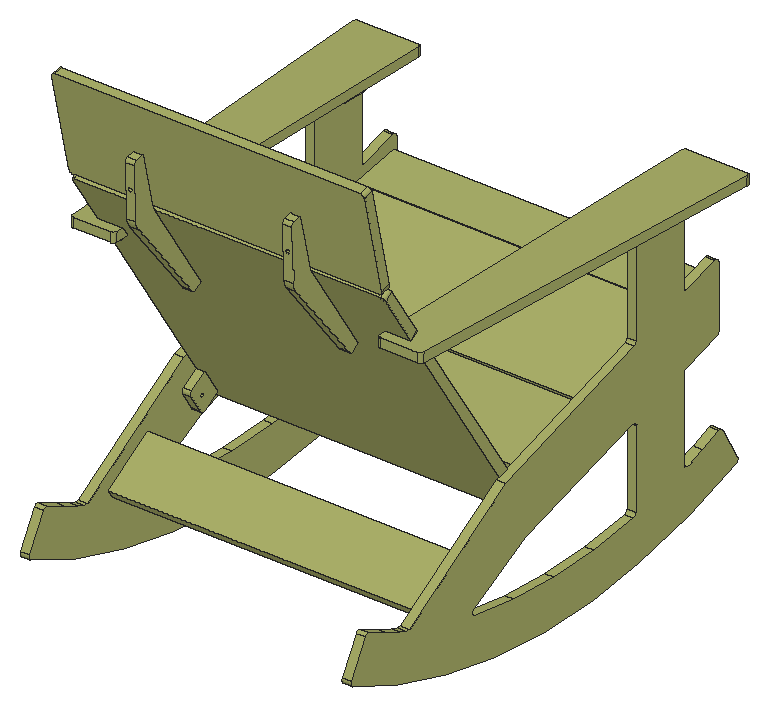
Revit family "Lollygagger Rocker", category Furniture, Revit 2016 (continued)
Automatic sketch dimensions
  Extrusion 16 sketch curve to Extrusion 16 sketch curve = 0.90243"
  Extrusion 18 sketch curve to Extrusion 18 sketch curve = 0.20165"
  Extrusion 18 sketch curve to Extrusion 18 sketch curve = 3.41039"
  Extrusion 18 sketch curve to Extrusion 18 sketch curve = 6.97885"
  Extrusion 18 sketch curve to Extrusion 18 sketch curve = 0.08551"
  Extrusion 18 sketch curve to Extrusion 18 sketch curve = 0.47513"
  Extrusion 18 sketch curve to Extrusion 18 sketch curve = 0.51835"
  Extrusion 18 sketch curve to Extrusion 18 sketch curve = 0.90243"
  Extrusion 21 sketch curve to Extrusion 21 sketch curve = 0.27288"
  Extrusion 21 sketch curve to Extrusion 21 sketch curve = 0.05198"  (x2)
  Extrusion 21 sketch curve to Extrusion 21 sketch curve = 0.78358"
  Extrusion 21 sketch curve to Extrusion 21 sketch curve = 0.52275"
  Extrusion 7 sketch curve to Extrusion 7 sketch curve = 0.12352"
  Extrusion 7 sketch curve to Extrusion 7 sketch curve = 0.21898"
  Extrusion 7 sketch curve to Extrusion 7 sketch curve = 1.19741"
  Extrusion 7 sketch curve to Extrusion 7 sketch curve = 0.21957"
  Extrusion 7 sketch curve to Extrusion 7 sketch curve = 0.10105"
  Extrusion 7 sketch curve to Extrusion 7 sketch curve = 1.59189"
  Extrusion 7 sketch curve to Extrusion 7 sketch curve = 0.8236"
  Extrusion 7 sketch curve to Extrusion 7 sketch curve = 1.07434"
  Extrusion 7 sketch curve to Extrusion 7 sketch curve = 0.51663"
  Extrusion 7 sketch curve to Extrusion 7 sketch curve = 0.09308"
  Extrusion 7 sketch curve to Extrusion 7 sketch curve = 0.23454"
  Extrusion 7 sketch curve to Extrusion 7 sketch curve = 4.10142"
  Extrusion 7 sketch curve to Extrusion 7 sketch curve = 2.39109"
  Extrusion 7 sketch curve to Extrusion 7 sketch curve = 0.08883"
  Extrusion 7 sketch curve to Extrusion 7 sketch curve = 0.0357"
  Extrusion 7 sketch curve to Extrusion 7 sketch curve = 1.66687"
  Extrusion 7 sketch curve to Extrusion 7 sketch curve = 2.71348"
  Extrusion 7 sketch curve to Extrusion 7 sketch curve = 1.71404"
  Extrusion 7 sketch curve to Extrusion 7 sketch curve = 0.9149"
  Extrusion 7 sketch curve to Extrusion 7 sketch curve = 2.51838"
  Extrusion 7 sketch curve to Extrusion 7 sketch curve = 4.16705"
  Extrusion 7 sketch curve to Extrusion 7 sketch curve = 0.14951"
  Extrusion 7 sketch curve to Extrusion 7 sketch curve = 3.27369"
  Extrusion 7 sketch curve to Extrusion 7 sketch curve = 3.34159"
  Extrusion 7 sketch curve to Extrusion 7 sketch curve = 0.07578"  (x4)
  Extrusion 7 sketch curve to Extrusion 7 sketch curve = 0.03589"
  Extrusion 7 sketch curve to Extrusion 7 sketch curve = 0.07725"  (x3)
  Extrusion 7 sketch curve to Extrusion 7 sketch curve = 0.25788"
  Extrusion 7 sketch curve to Extrusion 7 sketch curve = 1/4"  (x3)
  Extrusion 7 sketch curve to Extrusion 7 sketch curve = 0.45662"
  Extrusion 7 sketch curve to Extrusion 7 sketch curve = 4"  (x2)
  Extrusion 7 sketch curve to Extrusion 7 sketch curve = 0.17422"
  Extrusion 7 sketch curve to Extrusion 7 sketch curve = 0.25944"
  Extrusion 7 sketch curve to Extrusion 7 sketch curve = 0.08446"
  Extrusion 7 sketch curve to Extrusion 7 sketch curve = 0.16205"
  Extrusion 7 sketch curve to Extrusion 7 sketch curve = 1.32597"
  Extrusion 7 sketch curve to Extrusion 7 sketch curve = 2.34549"
  Extrusion 7 sketch curve to Extrusion 7 sketch curve = 2.57578"
  Extrusion 7 sketch curve to Extrusion 7 sketch curve = 1.37329"
  Extrusion 7 sketch curve to Extrusion 7 sketch curve = 0.09362"
  Extrusion 7 sketch curve to Extrusion 7 sketch curve = 0.22472"
  Extrusion 7 sketch curve to Extrusion 7 sketch curve = 1.23217"
  Extrusion 7 sketch curve to Extrusion 7 sketch curve = 0.08817"
  Extrusion 7 sketch curve to Extrusion 7 sketch curve = 0.22624"
  Extrusion 7 sketch curve to Extrusion 7 sketch curve = 0.13007"
  Extrusion 7 sketch curve to Extrusion 7 sketch curve = 0.31873"
  Extrusion 7 sketch curve to Extrusion 7 sketch curve = 0.54149"
  Extrusion 7 sketch curve to Extrusion 7 sketch curve = 0.75709"
  Extrusion 7 sketch curve to Extrusion 7 sketch curve = 1.02673"
  Extrusion 7 sketch curve to Extrusion 7 sketch curve = 1.2041"
  Extrusion 7 sketch curve to Extrusion 7 sketch curve = 1.42348"
  Extrusion 7 sketch curve to Extrusion 7 sketch curve = 2.82886"
  Extrusion 7 sketch curve to Extrusion 7 sketch curve = 3.02424"
  Extrusion 7 sketch curve to Extrusion 7 sketch curve = 0.24474"
  Extrusion 7 sketch curve to Extrusion 7 sketch curve = 0.46909"
  Extrusion 7 sketch curve to Extrusion 7 sketch curve = 2.95743"
  Extrusion 7 sketch curve to Extrusion 7 sketch curve = 1.57905"
  Extrusion 7 sketch curve to Extrusion 7 sketch curve = 0.25729"
  Extrusion 7 sketch curve to Extrusion 7 sketch curve = 0.23034"
  Extrusion 7 sketch curve to Extrusion 7 sketch curve = 3.09349"
  Extrusion 7 sketch curve to Extrusion 7 sketch curve = 2.91675"
  Extrusion 7 sketch curve to Extrusion 7 sketch curve = 0.02465"
  Extrusion 7 sketch curve to Extrusion 7 sketch curve = 0.45657"
  Extrusion 7 sketch curve to Extrusion 7 sketch curve = 0.19831"
  Extrusion 7 sketch curve to Extrusion 7 sketch curve = 0.29306"
  Extrusion 7 sketch curve to Extrusion 7 sketch curve = 0.12752"
  Extrusion 7 sketch curve to Extrusion 7 sketch curve = 0.4185"
  Extrusion 7 sketch curve to Extrusion 7 sketch curve = 0.47478"
  Extrusion 7 sketch curve to Extrusion 7 sketch curve = 0.11954"
  Extrusion 7 sketch curve to Extrusion 7 sketch curve = 3.34941"
  Extrusion 7 sketch curve to Extrusion 7 sketch curve = 5.29879"
  Extrusion 7 sketch curve to Extrusion 7 sketch curve = 4.0521"
  Extrusion 7 sketch curve to Extrusion 7 sketch curve = 1.43138"
  Extrusion 7 sketch curve to Extrusion 7 sketch curve = 0.84342"
  Extrusion 7 sketch curve to Extrusion 7 sketch curve = 4.70765"
  Extrusion 7 sketch curve to Extrusion 7 sketch curve = 3.65674"
  Extrusion 7 sketch curve to Extrusion 7 sketch curve = 0.52433"
  Extrusion 7 sketch curve to Extrusion 7 sketch curve = 5.8301"
  Extrusion 7 sketch curve to Extrusion 7 sketch curve = 3.41447"
  Extrusion 7 sketch curve to Extrusion 7 sketch curve = 0.16085"
  Extrusion 8 sketch curve to Extrusion 8 sketch curve = 0.12352"
  Extrusion 8 sketch curve to Extrusion 8 sketch curve = 0.21898"
  Extrusion 8 sketch curve to Extrusion 8 sketch curve = 1.19741"
  Extrusion 8 sketch curve to Extrusion 8 sketch curve = 0.21957"
  Extrusion 8 sketch curve to Extrusion 8 sketch curve = 0.10105"
  Extrusion 8 sketch curve to Extrusion 8 sketch curve = 1.59189"
  Extrusion 8 sketch curve to Extrusion 8 sketch curve = 0.8236"
  Extrusion 8 sketch curve to Extrusion 8 sketch curve = 1.07434"
  Extrusion 8 sketch curve to Extrusion 8 sketch curve = 0.51663"
  Extrusion 8 sketch curve to Extrusion 8 sketch curve = 0.09308"
  Extrusion 8 sketch curve to Extrusion 8 sketch curve = 0.23454"
  Extrusion 8 sketch curve to Extrusion 8 sketch curve = 4.10142"
  Extrusion 8 sketch curve to Extrusion 8 sketch curve = 2.39109"
  Extrusion 8 sketch curve to Extrusion 8 sketch curve = 0.08883"
  Extrusion 8 sketch curve to Extrusion 8 sketch curve = 0.0357"
  Extrusion 8 sketch curve to Extrusion 8 sketch curve = 1.66687"
  Extrusion 8 sketch curve to Extrusion 8 sketch curve = 2.71348"
  Extrusion 8 sketch curve to Extrusion 8 sketch curve = 1.71404"
  Extrusion 8 sketch curve to Extrusion 8 sketch curve = 0.9149"
  Extrusion 8 sketch curve to Extrusion 8 sketch curve = 2.51838"
  Extrusion 8 sketch curve to Extrusion 8 sketch curve = 4.16705"
  Extrusion 8 sketch curve to Extrusion 8 sketch curve = 0.14951"
  Extrusion 8 sketch curve to Extrusion 8 sketch curve = 3.27369"
  Extrusion 8 sketch curve to Extrusion 8 sketch curve = 3.34159"
  Extrusion 8 sketch curve to Extrusion 8 sketch curve = 0.07578"  (x4)
  Extrusion 8 sketch curve to Extrusion 8 sketch curve = 0.03589"
  Extrusion 8 sketch curve to Extrusion 8 sketch curve = 0.07725"  (x3)
  Extrusion 8 sketch curve to Extrusion 8 sketch curve = 0.25788"
  Extrusion 8 sketch curve to Extrusion 8 sketch curve = 1/4"  (x3)
  Extrusion 8 sketch curve to Extrusion 8 sketch curve = 0.45662"
  Extrusion 8 sketch curve to Extrusion 8 sketch curve = 4"  (x2)
  Extrusion 8 sketch curve to Extrusion 8 sketch curve = 0.17422"
  Extrusion 8 sketch curve to Extrusion 8 sketch curve = 0.25944"
  Extrusion 8 sketch curve to Extrusion 8 sketch curve = 0.08446"
  Extrusion 8 sketch curve to Extrusion 8 sketch curve = 0.16205"
  Extrusion 8 sketch curve to Extrusion 8 sketch curve = 1.32597"
  Extrusion 8 sketch curve to Extrusion 8 sketch curve = 2.34549"
  Extrusion 8 sketch curve to Extrusion 8 sketch curve = 2.57578"
  Extrusion 8 sketch curve to Extrusion 8 sketch curve = 1.37329"
  Extrusion 8 sketch curve to Extrusion 8 sketch curve = 0.09362"
  Extrusion 8 sketch curve to Extrusion 8 sketch curve = 0.22472"
  Extrusion 8 sketch curve to Extrusion 8 sketch curve = 1.23217"
  Extrusion 8 sketch curve to Extrusion 8 sketch curve = 0.08817"
  Extrusion 8 sketch curve to Extrusion 8 sketch curve = 0.22624"
  Extrusion 8 sketch curve to Extrusion 8 sketch curve = 0.13007"
  Extrusion 8 sketch curve to Extrusion 8 sketch curve = 0.31873"
  Extrusion 8 sketch curve to Extrusion 8 sketch curve = 0.54149"
  Extrusion 8 sketch curve to Extrusion 8 sketch curve = 0.75709"
  Extrusion 8 sketch curve to Extrusion 8 sketch curve = 1.02673"
  Extrusion 8 sketch curve to Extrusion 8 sketch curve = 1.2041"
  Extrusion 8 sketch curve to Extrusion 8 sketch curve = 1.42348"
  Extrusion 8 sketch curve to Extrusion 8 sketch curve = 2.82886"
  Extrusion 8 sketch curve to Extrusion 8 sketch curve = 3.02424"
  Extrusion 8 sketch curve to Extrusion 8 sketch curve = 0.24474"
  Extrusion 8 sketch curve to Extrusion 8 sketch curve = 0.46909"
  Extrusion 8 sketch curve to Extrusion 8 sketch curve = 2.95743"
  Extrusion 8 sketch curve to Extrusion 8 sketch curve = 1.57905"
  Extrusion 8 sketch curve to Extrusion 8 sketch curve = 0.25729"
  Extrusion 8 sketch curve to Extrusion 8 sketch curve = 0.23034"
  Extrusion 8 sketch curve to Extrusion 8 sketch curve = 3.09349"
  Extrusion 8 sketch curve to Extrusion 8 sketch curve = 2.91675"
  Extrusion 8 sketch curve to Extrusion 8 sketch curve = 0.02465"
  Extrusion 8 sketch curve to Extrusion 8 sketch curve = 0.45657"
  Extrusion 8 sketch curve to Extrusion 8 sketch curve = 0.19831"
  Extrusion 8 sketch curve to Extrusion 8 sketch curve = 0.29306"
  Extrusion 8 sketch curve to Extrusion 8 sketch curve = 0.12752"
  Extrusion 8 sketch curve to Extrusion 8 sketch curve = 0.4185"
  Extrusion 8 sketch curve to Extrusion 8 sketch curve = 0.47478"
  Extrusion 8 sketch curve to Extrusion 8 sketch curve = 0.11954"
  Extrusion 8 sketch curve to Extrusion 8 sketch curve = 3.34941"
  Extrusion 8 sketch curve to Extrusion 8 sketch curve = 5.29879"
  Extrusion 8 sketch curve to Extrusion 8 sketch curve = 4.0521"
  Extrusion 8 sketch curve to Extrusion 8 sketch curve = 1.43138"
  Extrusion 8 sketch curve to Extrusion 8 sketch curve = 0.84342"
  Extrusion 8 sketch curve to Extrusion 8 sketch curve = 4.70765"
  Extrusion 8 sketch curve to Extrusion 8 sketch curve = 3.65674"
  Extrusion 8 sketch curve to Extrusion 8 sketch curve = 0.52433"
  Extrusion 8 sketch curve to Extrusion 8 sketch curve = 5.8301"
  Extrusion 8 sketch curve to Extrusion 8 sketch curve = 3.41447"
  Extrusion 8 sketch curve to Extrusion 8 sketch curve = 0.16085"
  Extrusion 9 sketch curve to Extrusion 9 sketch curve = 0.12352"
  Extrusion 9 sketch curve to Extrusion 9 sketch curve = 0.21898"
  Extrusion 9 sketch curve to Extrusion 9 sketch curve = 1.19741"
  Extrusion 9 sketch curve to Extrusion 9 sketch curve = 0.21957"
  Extrusion 9 sketch curve to Extrusion 9 sketch curve = 0.10105"
  Extrusion 9 sketch curve to Extrusion 9 sketch curve = 1.59189"
  Extrusion 9 sketch curve to Extrusion 9 sketch curve = 0.8236"
  Extrusion 9 sketch curve to Extrusion 9 sketch curve = 1.07434"
  Extrusion 9 sketch curve to Extrusion 9 sketch curve = 0.51663"
  Extrusion 9 sketch curve to Extrusion 9 sketch curve = 0.09308"
  Extrusion 9 sketch curve to Extrusion 9 sketch curve = 0.23454"
  Extrusion 9 sketch curve to Extrusion 9 sketch curve = 4.10142"
  Extrusion 9 sketch curve to Extrusion 9 sketch curve = 2.39109"
  Extrusion 9 sketch curve to Extrusion 9 sketch curve = 0.08883"
  Extrusion 9 sketch curve to Extrusion 9 sketch curve = 0.0357"
  Extrusion 9 sketch curve to Extrusion 9 sketch curve = 1.66687"
  Extrusion 9 sketch curve to Extrusion 9 sketch curve = 2.71348"
  Extrusion 9 sketch curve to Extrusion 9 sketch curve = 1.71404"
  Extrusion 9 sketch curve to Extrusion 9 sketch curve = 0.9149"
  Extrusion 9 sketch curve to Extrusion 9 sketch curve = 2.51838"
  Extrusion 9 sketch curve to Extrusion 9 sketch curve = 4.16705"
  Extrusion 9 sketch curve to Extrusion 9 sketch curve = 0.14951"
  Extrusion 9 sketch curve to Extrusion 9 sketch curve = 3.27369"
  Extrusion 9 sketch curve to Extrusion 9 sketch curve = 3.34159"
  Extrusion 9 sketch curve to Extrusion 9 sketch curve = 0.07578"  (x4)
  Extrusion 9 sketch curve to Extrusion 9 sketch curve = 0.03589"
  Extrusion 9 sketch curve to Extrusion 9 sketch curve = 0.07725"  (x3)
  Extrusion 9 sketch curve to Extrusion 9 sketch curve = 0.25788"
  Extrusion 9 sketch curve to Extrusion 9 sketch curve = 1/4"  (x3)
  Extrusion 9 sketch curve to Extrusion 9 sketch curve = 0.45662"
  Extrusion 9 sketch curve to Extrusion 9 sketch curve = 4"  (x2)
  Extrusion 9 sketch curve to Extrusion 9 sketch curve = 0.17422"
  Extrusion 9 sketch curve to Extrusion 9 sketch curve = 0.25944"
  Extrusion 9 sketch curve to Extrusion 9 sketch curve = 0.08446"
  Extrusion 9 sketch curve to Extrusion 9 sketch curve = 0.16205"
  Extrusion 9 sketch curve to Extrusion 9 sketch curve = 1.32597"
  Extrusion 9 sketch curve to Extrusion 9 sketch curve = 2.34549"
  Extrusion 9 sketch curve to Extrusion 9 sketch curve = 2.57578"
  Extrusion 9 sketch curve to Extrusion 9 sketch curve = 1.37329"
  Extrusion 9 sketch curve to Extrusion 9 sketch curve = 0.09362"
  Extrusion 9 sketch curve to Extrusion 9 sketch curve = 0.22472"
  Extrusion 9 sketch curve to Extrusion 9 sketch curve = 1.23217"
  Extrusion 9 sketch curve to Extrusion 9 sketch curve = 0.08817"
  Extrusion 9 sketch curve to Extrusion 9 sketch curve = 0.22624"
  Extrusion 9 sketch curve to Extrusion 9 sketch curve = 0.13007"
  Extrusion 9 sketch curve to Extrusion 9 sketch curve = 0.31873"
  Extrusion 9 sketch curve to Extrusion 9 sketch curve = 0.54149"
  Extrusion 9 sketch curve to Extrusion 9 sketch curve = 0.75709"
  Extrusion 9 sketch curve to Extrusion 9 sketch curve = 1.02673"
  Extrusion 9 sketch curve to Extrusion 9 sketch curve = 1.2041"
  Extrusion 9 sketch curve to Extrusion 9 sketch curve = 1.42348"
  Extrusion 9 sketch curve to Extrusion 9 sketch curve = 2.82886"
  Extrusion 9 sketch curve to Extrusion 9 sketch curve = 3.02424"
  Extrusion 9 sketch curve to Extrusion 9 sketch curve = 0.24474"
  Extrusion 9 sketch curve to Extrusion 9 sketch curve = 0.46909"
  Extrusion 9 sketch curve to Extrusion 9 sketch curve = 2.95743"
  Extrusion 9 sketch curve to Extrusion 9 sketch curve = 1.57905"
  Extrusion 9 sketch curve to Extrusion 9 sketch curve = 0.25729"
  Extrusion 9 sketch curve to Extrusion 9 sketch curve = 0.23034"
  Extrusion 9 sketch curve to Extrusion 9 sketch curve = 3.09349"
  Extrusion 9 sketch curve to Extrusion 9 sketch curve = 2.91675"
  Extrusion 9 sketch curve to Extrusion 9 sketch curve = 0.02465"
  Extrusion 9 sketch curve to Extrusion 9 sketch curve = 0.45657"
  Extrusion 9 sketch curve to Extrusion 9 sketch curve = 0.19831"
  Extrusion 9 sketch curve to Extrusion 9 sketch curve = 0.29306"
  Extrusion 9 sketch curve to Extrusion 9 sketch curve = 0.12752"
  Extrusion 9 sketch curve to Extrusion 9 sketch curve = 0.4185"
  Extrusion 9 sketch curve to Extrusion 9 sketch curve = 0.47478"
  Extrusion 9 sketch curve to Extrusion 9 sketch curve = 0.11954"
  Extrusion 9 sketch curve to Extrusion 9 sketch curve = 3.34941"
  Extrusion 9 sketch curve to Extrusion 9 sketch curve = 5.29879"
  Extrusion 9 sketch curve to Extrusion 9 sketch curve = 4.0521"
  Extrusion 9 sketch curve to Extrusion 9 sketch curve = 1.43138"
  Extrusion 9 sketch curve to Extrusion 9 sketch curve = 0.84342"
  Extrusion 9 sketch curve to Extrusion 9 sketch curve = 4.70765"
  Extrusion 9 sketch curve to Extrusion 9 sketch curve = 3.65674"
  Extrusion 9 sketch curve to Extrusion 9 sketch curve = 0.52433"
  Extrusion 9 sketch curve to Extrusion 9 sketch curve = 5.8301"
  Extrusion 9 sketch curve to Extrusion 9 sketch curve = 3.41447"
  Extrusion 9 sketch curve to Extrusion 9 sketch curve = 0.16085"
  Extrusion 20 sketch curve to Extrusion 20 sketch curve = 0.13751"
  Extrusion 20 sketch curve to Extrusion 20 sketch curve = 1.64884"
  Extrusion 20 sketch curve to Extrusion 20 sketch curve = 0.54051"
  Extrusion 20 sketch curve to Extrusion 20 sketch curve = 0.66938"
  Extrusion 20 sketch curve to Extrusion 20 sketch curve = 0.47443"
  Extrusion 20 sketch curve to Extrusion 20 sketch curve = 0.37519"
  Extrusion 20 sketch curve to Extrusion 20 sketch curve = 1.51111"
  Extrusion 20 sketch curve to Extrusion 20 sketch curve = 0.06731"
  Extrusion 20 sketch curve to Extrusion 20 sketch curve = 0.34908"
  Extrusion 20 sketch curve to Extrusion 20 sketch curve = 0.00929"
  Extrusion 28 sketch curve to Extrusion 28 sketch curve = 0.07351"  (x2)
  Extrusion 28 sketch curve to Extrusion 28 sketch curve = 0.20967"  (x2)
  Extrusion 28 sketch curve to Extrusion 28 sketch curve = 0.81696"
  Extrusion 28 sketch curve to Extrusion 28 sketch curve = 0.72258"
  Extrusion 28 sketch curve to Extrusion 28 sketch curve = 0.13616"
  Extrusion 28 sketch curve to Extrusion 28 sketch curve = 1.10076"  (x2)
  Extrusion 28 sketch curve to Extrusion 28 sketch curve = 183/256"
  Extrusion 28 sketch curve to Extrusion 28 sketch curve = 0.83303"
  Extrusion 28 sketch curve to Extrusion 28 sketch curve = 0.34583"
  Extrusion 30 sketch curve to Extrusion 30 sketch curve = 0.27288"  (x2)
  Extrusion 30 sketch curve to Extrusion 30 sketch curve = 0.05198"  (x2)
  Extrusion 30 sketch curve to Extrusion 30 sketch curve = 0.78358"
  Extrusion 30 sketch curve to Extrusion 30 sketch curve = 0.52275"
  Extrusion 31 sketch curve to Extrusion 31 sketch curve = 0.21826"
  Extrusion 31 sketch curve to Extrusion 31 sketch curve = 0.12073"  (x2)
  Extrusion 31 sketch curve to Extrusion 31 sketch curve = 0.00647"
  Extrusion 31 sketch curve to Extrusion 31 sketch curve = 0.50682"
  Extrusion 31 sketch curve to Extrusion 31 sketch curve = 0.23672"
  Extrusion 30 sketch curve to Extrusion 30 sketch curve = 0.19256"  (x2)
  Extrusion 30 sketch curve to Extrusion 30 sketch curve = 0.60331"
  Extrusion 30 sketch curve to Extrusion 30 sketch curve = 0.24454"  (x2)
  Extrusion 30 sketch curve to Extrusion 30 sketch curve = 0.31187"
  Extrusion 31 sketch curve to Extrusion 31 sketch curve = 0.28263"
  Extrusion 31 sketch curve to Extrusion 31 sketch curve = 0.00036"
  Extrusion 31 sketch curve to Extrusion 31 sketch curve = 0.21649"
  Extrusion 31 sketch curve to Extrusion 31 sketch curve = 0.51096"
  Extrusion 29 sketch curve to Extrusion 29 sketch curve = 0.13751"
  Extrusion 29 sketch curve to Extrusion 29 sketch curve = 1.64884"
  Extrusion 29 sketch curve to Extrusion 29 sketch curve = 0.54051"
  Extrusion 29 sketch curve to Extrusion 29 sketch curve = 0.66938"
  Extrusion 29 sketch curve to Extrusion 29 sketch curve = 0.47443"
  Extrusion 29 sketch curve to Extrusion 29 sketch curve = 0.37519"
  Extrusion 29 sketch curve to Extrusion 29 sketch curve = 1.51111"
  Extrusion 29 sketch curve to Extrusion 29 sketch curve = 0.06731"
  Extrusion 29 sketch curve to Extrusion 29 sketch curve = 0.34908"
  Extrusion 29 sketch curve to Extrusion 29 sketch curve = 0.00929"
  Extrusion 32 sketch curve to Extrusion 32 sketch curve = 0.07351"  (x4)
  Extrusion 32 sketch curve to Extrusion 32 sketch curve = 0.13616"  (x4)
  Extrusion 32 sketch curve to Extrusion 32 sketch curve = 0.81696"  (x2)
  Extrusion 32 sketch curve to Extrusion 32 sketch curve = 0.72258"  (x2)
  Extrusion 32 sketch curve to Extrusion 32 sketch curve = 0.20967"  (x2)
  Extrusion 32 sketch curve to Extrusion 32 sketch curve = 1.10076"  (x4)
  Extrusion 32 sketch curve to Extrusion 32 sketch curve = 183/256"  (x2)
  Extrusion 32 sketch curve to Extrusion 32 sketch curve = 0.83303"  (x2)
  Extrusion 32 sketch curve to Extrusion 32 sketch curve = 0.34583"  (x2)
  Extrusion 24 sketch curve to Extrusion 24 sketch curve = 0.07351"  (x4)
  Extrusion 24 sketch curve to Extrusion 24 sketch curve = 0.13616"  (x4)
  Extrusion 24 sketch curve to Extrusion 24 sketch curve = 0.81696"  (x2)
  Extrusion 24 sketch curve to Extrusion 24 sketch curve = 0.72258"  (x2)
  Extrusion 24 sketch curve to Extrusion 24 sketch curve = 0.20967"  (x2)
  Extrusion 24 sketch curve to Extrusion 24 sketch curve = 1.10076"  (x4)
  Extrusion 24 sketch curve to Extrusion 24 sketch curve = 183/256"  (x2)
  Extrusion 24 sketch curve to Extrusion 24 sketch curve = 0.83303"  (x2)
  Extrusion 24 sketch curve to Extrusion 24 sketch curve = 0.34583"  (x2)
  curve 49 to plane 5 = 0"
  curve 64 to plane 5 = 0"
  curve 47 to plane 9 = 0"
  curve 64 to plane 6 = 0"
  curve 64 to plane 9 = 0"
  curve 53 to plane 8 = 0"
  curve 65 to plane 6 = 0"
  curve 65 to plane 8 = 0"
  curve 65 to plane 4 = 0"
  curve 58 to plane 4 = 0"
  curve 38 to plane 9 = 1/8"
  curve 43 to plane 9 = 1/4"
  curve 44 to curve 41 = 0"
  curve 48 to plane 9 = 1/4"
  curve 38 to curve 38 = 1 5/16"
  curve 37 to curve 32 = 1/4"
  plane 8 to curve 50 = 1 11/16"
  curve 50 to curve 52 = 1/4"
  plane 8 to curve 48 = 1/4"
  plane 8 to curve 43 = 1/4"
  curve 44 to curve 46 = 0"
  plane 8 to curve 52 = 1/8"
  plane 7 to curve 50 = 4.70592"
  plane 7 to curve 32 = 4.70592"
  curve 52 to curve 51 = 0.13616"
  curve 38 to curve 37 = 0.13616"
  curve 40 to curve 38 = 0.06808"
  curve 54 to curve 52 = 0.06808"
  plane 7 to curve 43 = 2.22753"
  curve 44 to curve 41 = 0.0439"
  plane 7 to curve 54 = 0.44647"
  curve 48 to curve 57 = 0.05624"
  curve 33 to curve 32 = 0"
  curve 33 to curve 50 = 0"
  curve 33 to plane 6 = 0.1139"
  curve 32 to curve 33 = 0.1361"
  curve 50 to curve 33 = 0.1361"
  curve 34 to plane 1 "Center Front/Back" = 4.01756"
  curve 35 to curve 34 = 0.11929"
  plane 1 "Center Front/Back" to curve 36 = 1.97061"
  curve 41 to curve 49 = 0.78644"
  curve 55 to curve 58 = 0.78644"
  curve 55 to curve 46 = 0.13616"
  curve 55 to curve 46 = 0"
  curve 41 to curve 41 = 0.13616"
  curve 45 to curve 56 = 0.05624"
  curve 42 to curve 42 = 0.05624"
  curve 56 to curve 45 = 0"
  curve 47 to curve 47 = 0.05624"
  curve 40 to plane 7 = 0.16691"
  plane 5 to curve 16 = 0"
  plane 9 to curve 12 = 0"
  plane 9 to curve 16 = 0"
  plane 9 to curve 20 = 0"
  curve 3 to plane 11 = 0"
  plane 8 to curve 4 = 0"
  plane 8 to curve 11 = 0"
  plane 8 to curve 1 = 0"
  plane 4 to curve 10 = 0"
  plane 4 to curve 3 = 0"
  curve 13 to plane 9 = 1/8"
  curve 19 to plane 9 = 1 3/16"
  plane 10 to curve 13 = 0.2652"
  curve 19 to curve 13 = 1/4"
  curve 14 to curve 21 = 1/4"
  curve 15 to curve 20 = 0"
  curve 2 to curve 1 = 1 11/16"
  curve 7 to curve 1 = 0"
  curve 6 to curve 5 = 1/4"
  curve 2 to curve 8 = 1/2"
  plane 8 to curve 5 = 1/8"
  curve 20 to curve 15 = 0.05553"
  curve 1 to curve 7 = 0.05553"
  curve 6 to curve 5 = 0.20967"
  plane 5 to curve 22 = 0.883"
  curve 10 to curve 8 = 4 3/4"
  curve 16 to curve 17 = 4.80062"
  level to curve 11 = 0.25498"
  level to curve 17 = 0.25498"
  curve 21 to curve 15 = 0.25713"
  plane 11 to curve 7 = 0.25713"
  curve 4 to curve 4 = 0.10483"
  curve 12 to curve 12 = 0.10483"
  curve 28 to plane 11 = 0"
  curve 27 to plane 10 = 0"
  curve 59 to plane 11 = 0"
  plane 7 to curve 24 = 1.39505"
  plane 7 to curve 28 = 3.01438"
  curve 29 to plane 11 = 0.86761"
  curve 27 to curve 29 = 1.65923"
  curve 62 to plane 11 = 0.07002"
  curve 62 to plane 6 = 5.09552"
  curve 61 to curve 60 = 0.62519"
  plane 10 to curve 23 = 3.67527"
  plane 7 to curve 23 = 0.57985"
  curve 26 to curve 24 = 0.76742"
  curve 24 to curve 25 = 0.15919"
  curve 25 to curve 30 = 0.16918"
  curve 30 to curve 31 = 0.0775"
  plane 10 to curve 25 = 0.26768"
  curve 25 to curve 25 = 0.4122"
  curve 25 to curve 26 = 0.3892"
  curve 26 to curve 28 = 0.41588"
  curve 31 to plane 11 = 2.0304"
  plane 1 "Center Front/Back" to curve 63 = 3.17831"
  curve 63 to curve 63 = 0.61538"
  curve 59 to curve 62 = 1.7025"
  curve 60 to curve 59 = 1.70231"
  curve 63 to curve 63 = 0.19995"
  curve 23 to curve 23 = 3.53101"
  Masking region 1 sketch curve to plane 5 = 0"
  Masking region 1 sketch curve to plane 9 = 0"
  Masking region 1 sketch curve to plane 6 = 0"  (x2)
  Masking region 1 sketch curve to plane 8 = 0"
  Masking region 1 sketch curve to plane 4 = 0"
  plane 5 to Masking region 1 sketch curve = 0.45138"
  Masking region 1 sketch curve to Masking region 1 sketch curve = 0.24959"  (x3)
  Masking region 1 sketch curve to Masking region 1 sketch curve = 1.92281"
  Masking region 1 sketch curve to plane 6 = 0.26426"  (x2)
  Masking region 1 sketch curve to plane 9 = 1/4"
  Masking region 1 sketch curve to plane 6 = 1/4"  (x2)
  Masking region 1 sketch curve to plane 9 = 1 7/16"
  Masking region 1 sketch curve to plane 6 = 0.1139"
  plane 8 to Masking region 1 sketch curve = 1.6472"
  Masking region 1 sketch curve to Masking region 1 sketch curve = 0.2097"
  plane 8 to Masking region 1 sketch curve = 1/4"
  Masking region 1 sketch curve to Masking region 1 sketch curve = 0.45128"
  Masking region 1 sketch curve to plane 4 = 1.92271"
  plane 7 to Masking region 1 sketch curve = 3.26397"  (x2)
  Masking region 1 sketch curve to Masking region 1 sketch curve = 0.01426"  (x2)
  Masking region 1 sketch curve to plane 7 = 0.16074"  (x2)
  Masking region 1 sketch curve to Masking region 1 sketch curve = 0.05624"
  Masking region 1 sketch curve to Masking region 1 sketch curve = 1.93342"
  Masking region 1 sketch curve to Masking region 1 sketch curve = 1.87955"
  Masking region 1 sketch curve to Masking region 1 sketch curve = 1.6297"
  Masking region 1 sketch curve to Masking region 1 sketch curve = 1.63135"
  Masking region 2 sketch curve to plane 10 = 0"
  Masking region 2 sketch curve to plane 11 = 0"  (x2)
  Masking region 2 sketch curve to plane 6 = 0"  (x2)
  plane 7 to Masking region 2 sketch curve = 0.98178"
  plane 7 to Masking region 2 sketch curve = 0.56887"
  plane 7 to Masking region 2 sketch curve = 0.392"
  plane 7 to Masking region 2 sketch curve = 0.19939"
  plane 7 to Masking region 2 sketch curve = 0.12004"
  plane 7 to Masking region 2 sketch curve = 0.06381"
  Masking region 2 sketch curve to plane 7 = 0.0177"
  Masking region 2 sketch curve to plane 7 = 0.12983"
  Masking region 2 sketch curve to plane 7 = 0.21698"
  Masking region 2 sketch curve to plane 7 = 0.54817"
  Masking region 2 sketch curve to Masking region 2 sketch curve = 0.10105"
  Masking region 2 sketch curve to Masking region 2 sketch curve = 0.21957"
  Masking region 2 sketch curve to plane 7 = 1.84721"
  Masking region 2 sketch curve to Masking region 2 sketch curve = 0.09546"
  Masking region 2 sketch curve to Masking region 2 sketch curve = 0.21898"
  Masking region 2 sketch curve to Masking region 2 sketch curve = 0.3759"
  Masking region 2 sketch curve to Masking region 2 sketch curve = 0.03737"
  Masking region 2 sketch curve to Masking region 2 sketch curve = 0.09092"
  Masking region 2 sketch curve to Masking region 2 sketch curve = 0.60898"
  Masking region 2 sketch curve to Masking region 2 sketch curve = 0.04348"
  Masking region 2 sketch curve to Masking region 2 sketch curve = 0.51663"
  Masking region 2 sketch curve to Masking region 2 sketch curve = 0.09308"
  Masking region 2 sketch curve to Masking region 2 sketch curve = 0.23454"
  plane 7 to Masking region 2 sketch curve = 4.52702"
  Masking region 2 sketch curve to Masking region 2 sketch curve = 0.21265"
  Masking region 2 sketch curve to Masking region 2 sketch curve = 0.40588"
  Masking region 2 sketch curve to Masking region 2 sketch curve = 0.1956"
  Masking region 2 sketch curve to plane 11 = 2.31186"
  Masking region 2 sketch curve to Masking region 2 sketch curve = 0.13616"
  Masking region 2 sketch curve to plane 11 = 2.02977"
  Masking region 2 sketch curve to Masking region 2 sketch curve = 0.43439"
  level to Masking region 2 sketch curve = 4.09914"
  level to Masking region 2 sketch curve = 3.61388"
  Masking region 2 sketch curve to Masking region 2 sketch curve = 0.0357"
  plane 1 "Center Front/Back" to Masking region 2 sketch curve = 3.45019"
  Masking region 2 sketch curve to Masking region 2 sketch curve = 0.27188"
  Masking region 2 sketch curve to Masking region 2 sketch curve = 0.61538"
  plane 1 "Center Front/Back" to Masking region 2 sketch curve = 1.77903"
  level to Masking region 2 sketch curve = 3.15152"
  Masking region 2 sketch curve to Masking region 2 sketch curve = 3.27369"
  Masking region 2 sketch curve to Masking region 2 sketch curve = 0.07578"  (x2)
  Masking region 2 sketch curve to Masking region 2 sketch curve = 0.48463"
  level to Masking region 2 sketch curve = 3.62715"
  Masking region 2 sketch curve to Masking region 2 sketch curve = 0.03479"
  Masking region 2 sketch curve to Masking region 2 sketch curve = 0.07725"  (x2)
  Masking region 2 sketch curve to Masking region 2 sketch curve = 1/4"  (x3)
  Masking region 2 sketch curve to plane 6 = 7"
  Masking region 2 sketch curve to plane 6 = 3"  (x2)
  Masking region 2 sketch curve to Masking region 2 sketch curve = 0.17422"
  Masking region 2 sketch curve to Masking region 2 sketch curve = 0.26024"
  Masking region 2 sketch curve to Masking region 2 sketch curve = 0.08473"
  Masking region 2 sketch curve to plane 6 = 0.32725"
  Masking region 2 sketch curve to plane 6 = 1/4"  (x2)
  Masking region 2 sketch curve to plane 6 = 0.17422"
  plane 6 to Masking region 2 sketch curve = 0.04316"
  plane 6 to Masking region 2 sketch curve = 0.13679"
  Masking region 2 sketch curve to Masking region 2 sketch curve = 0.22472"
  plane 6 to Masking region 2 sketch curve = 1.36896"
  Masking region 2 sketch curve to Masking region 2 sketch curve = 0.08817"
  Masking region 2 sketch curve to Masking region 2 sketch curve = 0.22624"
  Masking region 2 sketch curve to Masking region 2 sketch curve = 0.02465"
  Masking region 2 sketch curve to Masking region 2 sketch curve = 5.30564"
  Masking region 2 sketch curve to Masking region 2 sketch curve = 0.08834"
  Masking region 2 sketch curve to Masking region 2 sketch curve = 1.43138"
  Masking region 2 sketch curve to Masking region 2 sketch curve = 0.19995"
  Masking region 2 sketch curve to Masking region 2 sketch curve = 0.84342"
  Masking region 2 sketch curve to Masking region 2 sketch curve = 4.70765"
  Masking region 2 sketch curve to Masking region 2 sketch curve = 3.65674"
  Masking region 2 sketch curve to Masking region 2 sketch curve = 0.52433"
  Masking region 2 sketch curve to Masking region 2 sketch curve = 0.05397"
  plane 10 to Masking region 2 sketch curve = 2.82084"
  Masking region 2 sketch curve to Masking region 2 sketch curve = 0.59054"
  Masking region 2 sketch curve to Masking region 2 sketch curve = 0.09163"
  Masking region 2 sketch curve to Masking region 2 sketch curve = 0.16186"
  Masking region 2 sketch curve to Masking region 2 sketch curve = 0.25166"
  Masking region 3 sketch curve to plane 11 = 0"  (x2)
  Masking region 3 sketch curve to plane 10 = 0"  (x2)
  plane 5 to Masking region 3 sketch curve = 0"
  plane 9 to Masking region 3 sketch curve = 0"  (x3)
  plane 8 to Masking region 3 sketch curve = 0"  (x3)
  plane 4 to Masking region 3 sketch curve = 0"
  Masking region 3 sketch curve to level = 0"  (x2)
  plane 5 to Masking region 3 sketch curve = 2.17281"
  Masking region 3 sketch curve to plane 9 = 1/4"
  Masking region 3 sketch curve to plane 9 = 5/8"
  Masking region 3 sketch curve to Masking region 3 sketch curve = 5/8"
  plane 8 to Masking region 3 sketch curve = 1/4"
  Masking region 3 sketch curve to plane 4 = 2.17281"
  level to Masking region 3 sketch curve = 4.07517"
  Masking region 3 sketch curve to Masking region 3 sketch curve = 0.66979"
  plane 10 to Masking region 3 sketch curve = 3.66472"  (x2)
  Masking region 3 sketch curve to Masking region 3 sketch curve = 0.41537"  (x2)
  Masking region 3 sketch curve to Masking region 3 sketch curve = 0.24359"  (x2)
  Masking region 3 sketch curve to plane 9 = 0.14994"
  Masking region 3 sketch curve to Masking region 3 sketch curve = 0.10006"  (x2)
  Masking region 3 sketch curve to Masking region 3 sketch curve = 1/4"  (x2)
  plane 8 to Masking region 3 sketch curve = 0.14994"
  Masking region 3 sketch curve to Masking region 3 sketch curve = 0.19214"  (x2)
  Extrusion 2 sketch curve to plane 8 = 0"  (x2)
  Extrusion 2 sketch curve to plane 9 = 0"  (x2)
  Extrusion 2 sketch curve to plane 8 = 1/4"  (x2)
  Extrusion 2 sketch curve to Extrusion 2 sketch curve = 1/8"  (x2)
  plane 8 to Extrusion 2 sketch curve = 1/8"  (x2)
  plane 8 to Extrusion 2 sketch curve = 1/4"
  Extrusion 2 sketch curve to Extrusion 2 sketch curve = 1 5/16"
  Extrusion 2 sketch curve to Extrusion 2 sketch curve = 0"  (x2)
  Extrusion 2 sketch curve to Extrusion 2 sketch curve = 1/4"  (x3)
  Extrusion 2 sketch curve to plane 9 = 1 11/16"
  Extrusion 2 sketch curve to plane 9 = 1/8"  (x2)
  plane 9 to Extrusion 2 sketch curve = 1/4"  (x2)
  Extrusion 2 sketch curve to Extrusion 2 sketch curve = 2 3/4"  (x2)
  Extrusion 2 sketch curve to Extrusion 2 sketch curve = 13.97553"  (x2)
  Extrusion 2 sketch curve to Extrusion 2 sketch curve = 0.09897"  (x2)
  Extrusion 2 sketch curve to Extrusion 2 sketch curve = 3.9255"
  Extrusion 5 sketch curve to plane 5 = 5/16"
  Extrusion 5 sketch curve to Extrusion 5 sketch curve = 1/8"  (x3)
  Extrusion 5 sketch curve to plane 8 = 3/16"  (x2)
  Extrusion 5 sketch curve to Extrusion 5 sketch curve = 5 3/4"
  Extrusion 6 sketch curve to plane 9 = 0"
  Extrusion 6 sketch curve to plane 8 = 0"
  Extrusion 6 sketch curve to Extrusion 6 sketch curve = 7.70956"
  Extrusion 10 sketch curve to plane 8 = 0"
  Extrusion 10 sketch curve to plane 9 = 0"
  plane 8 to Extrusion 10 sketch curve = 1/4"
  Extrusion 10 sketch curve to Extrusion 10 sketch curve = 1/4"  (x2)
  Extrusion 10 sketch curve to plane 9 = 1/4"
  Extrusion 10 sketch curve to Extrusion 10 sketch curve = 6 1/2"
  plane 8 to Extrusion 11 sketch curve = 0"
  plane 9 to Extrusion 11 sketch curve = 0"
  level to Extrusion 11 sketch curve = 10.70811"
  Extrusion 11 sketch curve to Extrusion 11 sketch curve = 3.9625"
  Extrusion 12 sketch curve to plane 8 = 0"
  Extrusion 12 sketch curve to plane 9 = 0"
  Extrusion 12 sketch curve to Extrusion 12 sketch curve = 2 1/4"
  Extrusion 22 sketch curve to plane 8 = 0"
  Extrusion 22 sketch curve to plane 9 = 0"
  Extrusion 22 sketch curve to Extrusion 22 sketch curve = 3.28911"
  Extrusion 25 sketch curve to plane 8 = 0"
  Extrusion 25 sketch curve to plane 9 = 0"
  Extrusion 25 sketch curve to Extrusion 25 sketch curve = 4"
  Extrusion 26 sketch curve to plane 8 = 0"
  plane 8 to Extrusion 26 sketch curve = 0.56148"
  Extrusion 26 sketch curve to Extrusion 26 sketch curve = 0.38102"  (x2)
  Extrusion 26 sketch curve to Extrusion 26 sketch curve = 1/4"
  Extrusion 26 sketch curve to plane 6 = 6.005"
  Extrusion 26 sketch curve to Extrusion 26 sketch curve = 0.75431"
  Extrusion 26 sketch curve to Extrusion 26 sketch curve = 0.75569"
  Extrusion 27 sketch curve to plane 9 = 0"
  plane 9 to Extrusion 27 sketch curve = 0.56148"
  Extrusion 27 sketch curve to Extrusion 27 sketch curve = 0.38102"  (x2)
  Extrusion 27 sketch curve to Extrusion 27 sketch curve = 1/4"
  plane 6 to Extrusion 27 sketch curve = 6.005"
  Extrusion 27 sketch curve to Extrusion 27 sketch curve = 0.75431"
  Extrusion 27 sketch curve to Extrusion 27 sketch curve = 0.75569"
  plane 1 "Center Front/Back" to Extrusion 33 sketch curve = 1.32779"
  Extrusion 33 sketch curve to Extrusion 33 sketch curve = 1.08928"
  Extrusion 33 sketch curve to Extrusion 33 sketch curve = 1.10076"
  Extrusion 33 sketch curve to Extrusion 33 sketch curve = 0.13616"  (x2)
  Extrusion 33 sketch curve to Extrusion 33 sketch curve = 0.09438"
  Extrusion 33 sketch curve to Extrusion 33 sketch curve = 0.20967"  (x2)
  Extrusion 33 sketch curve to Extrusion 33 sketch curve = 0.72258"
  level to Extrusion 33 sketch curve = 7.07026"
  Extrusion 33 sketch curve to Extrusion 33 sketch curve = 0.07351"
  Extrusion 33 sketch curve to Extrusion 33 sketch curve = 183/256"
  Extrusion 33 sketch curve to Extrusion 33 sketch curve = 0.83303"
  Extrusion 33 sketch curve to Extrusion 33 sketch curve = 0.34583"
  Extrusion 34 sketch curve to plane 6 = 3 7/8"
  Extrusion 34 sketch curve to Extrusion 34 sketch curve = 0.02962"
  Extrusion 34 sketch curve to Extrusion 34 sketch curve = 0.37519"
  Extrusion 34 sketch curve to Extrusion 34 sketch curve = 0.12886"
  Extrusion 34 sketch curve to Extrusion 34 sketch curve = 0.66938"
  Extrusion 34 sketch curve to Extrusion 34 sketch curve = 1.64884"
  Extrusion 34 sketch curve to Extrusion 34 sketch curve = 0.13751"
  level to Extrusion 34 sketch curve = 11.02061"
  Extrusion 34 sketch curve to Extrusion 34 sketch curve = 1.51111"
  Extrusion 34 sketch curve to Extrusion 34 sketch curve = 0.06731"
  Extrusion 34 sketch curve to Extrusion 34 sketch curve = 0.34908"
  Extrusion 34 sketch curve to Extrusion 34 sketch curve = 0.00929"
  Extrusion 35 sketch curve to plane 1 "Center Front/Back" = 2.344"
  Extrusion 35 sketch curve to Extrusion 35 sketch curve = 0.19256"  (x2)
  Extrusion 35 sketch curve to Extrusion 35 sketch curve = 0.05198"  (x2)
  Extrusion 35 sketch curve to Extrusion 35 sketch curve = 0.27288"
  Extrusion 35 sketch curve to Extrusion 35 sketch curve = 0.81193"
  Extrusion 35 sketch curve to plane 1 "Center Front/Back" = 0.68422"
  Extrusion 35 sketch curve to Extrusion 35 sketch curve = 0.24454"  (x2)
  Extrusion 35 sketch curve to plane 1 "Center Front/Back" = 0.11482"
  level to Extrusion 35 sketch curve = 9.07876"
  Extrusion 35 sketch curve to Extrusion 35 sketch curve = 0.31187"
  Extrusion 35 sketch curve to Extrusion 35 sketch curve = 0.52275"
  level to Extrusion 36 sketch curve = 4.11531"
  Extrusion 36 sketch curve to Extrusion 36 sketch curve = 0.07351"
  Extrusion 36 sketch curve to Extrusion 36 sketch curve = 0.20967"  (x4)
  Extrusion 36 sketch curve to Extrusion 36 sketch curve = 0.81696"
  Extrusion 36 sketch curve to Extrusion 36 sketch curve = 0.72258"
  Extrusion 36 sketch curve to Extrusion 36 sketch curve = 0.13616"
  Extrusion 36 sketch curve to Extrusion 36 sketch curve = 1.10076"  (x2)
  plane 7 to Extrusion 36 sketch curve = 5.74813"
  Extrusion 36 sketch curve to Extrusion 36 sketch curve = 183/256"
  Extrusion 36 sketch curve to Extrusion 36 sketch curve = 0.42498"
  Extrusion 37 sketch curve to plane 9 = 1/4"
  Extrusion 37 sketch curve to plane 9 = 0.46649"
  Extrusion 37 sketch curve to Extrusion 37 sketch curve = 0.28226"
  Extrusion 37 sketch curve to Extrusion 37 sketch curve = 0.00036"
  Extrusion 37 sketch curve to Extrusion 37 sketch curve = 0.28263"
  Extrusion 37 sketch curve to Extrusion 37 sketch curve = 0.21826"
  Extrusion 37 sketch curve to Extrusion 37 sketch curve = 0.23672"
  Extrusion 37 sketch curve to Extrusion 37 sketch curve = 0.24086"
  Extrusion 37 sketch curve to Extrusion 37 sketch curve = 0.37962"
  Extrusion 37 sketch curve to Extrusion 37 sketch curve = 0.00647"
  Extrusion 37 sketch curve to Extrusion 37 sketch curve = 0.12073"
  radius of Extrusion 15 sketch curve = 0.12341"
  radius of Extrusion 17 sketch curve = 0.12341"
  radius of Extrusion 19 sketch curve = 0.12341"
  radius of Extrusion 20 sketch curve = 0.15496"
  radius of Extrusion 28 sketch curve = 0.15467"
  radius of Extrusion 30 sketch curve = 0.15469"
  radius of Extrusion 31 sketch curve = 0.14853"
  radius of Extrusion 29 sketch curve = 0.15496"
  radius of Extrusion 32 sketch curve = 0.15467"  (x2)
  radius of Extrusion 24 sketch curve = 0.15467"  (x2)
  radius of Extrusion 26 sketch curve = 0.15451"
  radius of Extrusion 27 sketch curve = 0.15451"
  radius of Extrusion 33 sketch curve = 0.15467"
  radius of Extrusion 34 sketch curve = 0.15496"
  radius of Extrusion 35 sketch curve = 0.15469"
  radius of Extrusion 36 sketch curve = 0.15467"
  radius of Extrusion 37 sketch curve = 0.14853"
Types (11): name | Finish Material
  Loll-Black | Loll-Black
  Loll-Sunset | Loll-Sunset
  Loll-Chocolate | Loll-Chocolate
  Loll-Sky | Loll-Sky
  Loll-Apple | Loll-Apple
  Loll-Leaf | Loll-Leaf
  Loll-Evergreen | Loll-Evergreen
  Loll-Charcoal | Loll-Charcoal
  Loll-Sand | Loll-Sand
  Loll-Navy Blue | Loll-Navy Blue
  Loll-White | Loll-White
